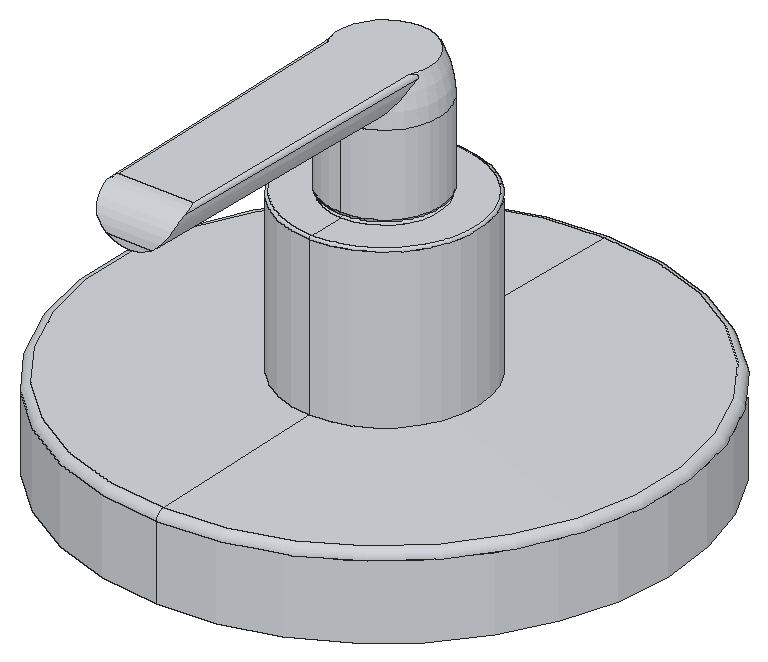
Revit family "Shower-Valve_Trim-KOHLER-Avid-K-TS97018_1", category Specialty Equipment, host Face, Revit 2017
Family settings
  Host = Face
  Round Connector Dimension = Use Diameter
  Part Type = Normal
  OmniClass Number = 23.31.25.00
  OmniClass Title = Toilet and Bath Specialties
  Cut with Voids When Loaded = No
  Shared = No
  Room Calculation Point = No
Parameters (values of type "CP-Polished Chrome")
  Width = 6 3/8"  # constant formula
  WaterSense Certified = 1 = 0  # no
  URL = "https://www.us.kohler.com/us/"
  Type = 1
  Product Page URL = "https://www.us.kohler.com/us/catalog/productDetails.jsp?productId=TS97018-4"
  Product Name = "Avid"  # constant formula
  Product Documentation Link = "https://www.us.kohler.com/webassets/kpna/catalog/pdf/en/K-TS97018-4_spec_US-CA_Kohler_en.pdf"
  Model = if(Type = 1, "K-TS97018-4-CP", if(Type = 2, "K-TS97018-4-BN", if(Type = 3, "K-TS97018-4-BL", "NA")))  # "K-TS97018-4-CP"
  Material = "Pemium Metal Construction"  # constant formula
  Master Format 2014 Name = "Toilet, Bath, and Laundry Accessories"  # constant formula
  Master Format 2014 = "10 28 00"  # constant formula
  Manufacturer Address = "444 Highland Dr, Kohler, WI 53044"  # constant formula
  Manufacturer = "KOHLER Co."  # constant formula
  Length = 4 3/16"  # constant formula
  Height = 6 3/8"  # constant formula
  Handle Clearance = 3 9/16"  # constant formula
  Finish = Kohler-Metal-CP-Polished_Chrome
  Environmental Product Declaration = ""
  Description = "Rite-Temp® valve trim with lever handle"  # constant formula
  Default Elevation = 42"
  Declare Label = ""
  Date Modified = "08/16/2021"  # constant formula
  Date Created = "08/16/2021"  # constant formula
  Copyright = "Copyright KOHLER Co."  # constant formula
  Contact Us = "https://www.us.kohler.com/us/static/contact.jsp"
  Assembly Code = "C1030200"
  ADA Compliant = 1 = 1  # yes
Types (4): name | Type | Model | Finish
  (no name) | 1 | "K-TS97018-4-CP" | Kohler-Metal-CP-Polished_Chrome
  CP-Polished Chrome | 1 | "K-TS97018-4-CP" | Kohler-Metal-CP-Polished_Chrome
  BN-Vibrant Brushed Nickel | 2 | "K-TS97018-4-BN" | Kohler-Metal-BN-Vibrant_Brushed_Nickel
  BL- Matte Black | 3 | "K-TS97018-4-BL" | Kohler-Metal-BL-Matte_Black
Reference planes (in)
  plane 1 "Center (Front/Back)": y = 0
  plane 2: z = 0
  plane 3 "Center (Left/Right)": x = 0
  plane 4: x = -3.1875
  plane 5: x = 3.1875
  plane 6: y = 3.1875
  plane 7: y = -3.1875
  plane 8: y = -3.5625
  plane 9: z = 4.1875
  plane 10: z = 0.9556
  plane 11: z = 2.75114
Dimensions and locks (in)
  "Height": plane 6 to plane 7
  "Width": plane 4 to plane 5
  "Handle Clearance": plane 1 "Center (Front/Back)" to plane 8
  "Length": plane 9 to level
  aligned and locked: plane 2 to host face
  aligned and locked: level to host face
  aligned and locked: plane 3 "Center (Left/Right)" to nested 1
  aligned and locked: plane 1 "Center (Front/Back)" to nested 1
Automatic sketch dimensions
  host sketch curve to host sketch curve = 96"  (x2)
Nested families (in)
  nested 1: "K-TS97018" at (0, 0, 0), type "K-TS97018"
Definition of nested family "K-TS97018"
  Parameters (values of type "K-TS97018")
    Material = none
  Reference planes (in)
    plane 1 "Center (Front/Back)": y = 0
    plane 2: z = 0
    plane 3 "Center (Left/Right)": x = 0
    plane 4: x = -3.1875
    plane 5: x = 3.1875
    plane 6: y = 3.1875
    plane 7: y = -3.1875
    plane 8: y = -3.5625
    plane 9: z = 4.17323
    plane 10: z = 0.9556
    plane 11: z = 2.75114
  Forms (in)
    Revolve 1, solid, material <- "Material", detail levels medium+fine
      sketch origin (0, 0, 0) x (0, 1, 0) y (0, 0, 1)
        loop
          line (3.1875, 0) -> (3.1875, 0.82413)
          arc (3.1875, 0.82413) -> (3.15954, 0.89251) -> (3.09169, 0.92171) r 0.0976
          line (3.09169, 0.92171) -> (1.04785, 0.95918) -> (1.04785, 2.72055)
          arc (1.04785, 2.72055) -> (1.03987, 2.73982) -> (1.02059, 2.74781) r 0.02726
          line (1.02059, 2.74781) -> (0.60996, 2.74781)
          arc (0.60996, 2.74781) -> (0.57601, 2.75834) -> (0.55397, 2.78623) r 0.06002
          line (0.55397, 2.78623) -> (0.60552, 2.78623)
          arc (0.60552, 2.78623) -> (0.62, 2.79223) -> (0.626, 2.80671) r 0.02048
          line (0.626, 2.80671) -> (0.626, 3.70922)
          arc (0.626, 3.70922) -> (0.59745, 3.94796) -> (0.51341, 4.17323) r 1.01241
          line (0.51341, 4.17323) -> (0, 4.17323) -> (0, 0) -> (3.1875, 0)
        axis (0, 4.17323) -> (0, 0)
      angle from 0 to 360
    Blend 2, solid, material <- "Material", detail levels medium+fine
      base sketch origin (0, 0, -0.02146) x (1, 0, 0) y (0, 0, 1)
        loop
          line (0.41472, 4.19468) -> (-0.41472, 4.19468)
          arc (-0.41472, 4.19468) -> (-0.43687, 4.18503) -> (-0.44488, 4.16224) r 0.03024
          arc (-0.44488, 4.16224) -> (-0.30352, 3.8678) -> (0.00058, 3.74862) r 0.44606
          arc (0.00058, 3.74862) -> (0.30394, 3.8682) -> (0.44488, 4.16224) r 0.44606
          arc (0.44488, 4.16224) -> (0.43687, 4.18503) -> (0.41472, 4.19468) r 0.03024
      top sketch origin (0, 0, -0.02146) x (1, 0, 0) y (0, 0, 1)
        loop
          arc (0, 3.71935) -> (0.33957, 3.82587) -> (0.51082, 4.13784) r 0.47686
          arc (0.51082, 4.13784) -> (0.49839, 4.1776) -> (0.4604, 4.19468) r 0.05078
          line (0.4604, 4.19468) -> (-0.4611, 4.19468)
          arc (-0.4611, 4.19468) -> (-0.4986, 4.17784) -> (-0.51091, 4.13862) r 0.05016
          arc (-0.51091, 4.13862) -> (-0.33987, 3.82612) -> (0, 3.71935) r 0.47686
      from 3.90183 to -0.02594
    Extrusion 3, void
      sketch origin (0, 0, 0.79104) x (0, 1, 0) y (0, 0, 1)
        loop
          line (-3.5625, 2.74653) -> (-3.5625, 3.00893)
          arc (-3.5625, 3.00893) -> (-3.45318, 3.27286) -> (-3.18925, 3.38218) r 0.37325
          line (-3.18925, 3.38218) -> (-2.92681, 3.38218) -> (-2.92681, 3.74653) -> (-4.0625, 3.74653) -> (-4.0625, 2.74653) -> (-3.5625, 2.74653)
      from -0.98314 to 1.04635
    Revolve 4, solid, material <- "Material", detail levels coarse
      sketch origin (0, 0, 0) x (0, 1, 0) y (0, 0, 1)
        loop
          line (3.1875, 0.95049) -> (1.04785, 0.95049) -> (1.04785, 2.73553) -> (0.62605, 2.73553) -> (0.62605, 4.17323) -> (0, 4.17323) -> (0, 0) -> (3.1875, 0) -> (3.1875, 0.95049)
        axis (0, 0) -> (0, 4.17323)
      angle from 0 to 360
    Extrusion 5, solid, material <- "Material", detail levels coarse
      sketch origin (0, 0, 0) x (1, 0, 0) y (0, 0, 1)
        loop
          line (-0.61288, 4.17323) -> (-0.61288, 3.68594) -> (0.61288, 3.68594) -> (0.61288, 4.17323) -> (-0.61288, 4.17323)
      from 0 to 3.5625
  Cuts and joins
    Extrusion 3 cuts Blend 2
    joined: Revolve 1, Blend 2
    joined: Revolve 4, Extrusion 5
  Lines and regions (in)
    Masking region 1
      outline origin (0, 0, 0) x (0, 1, 0) y (0, 0, 1)
        loop
          line (3.1875, 0) -> (3.1875, 0.82004)
          arc (3.1875, 0.82004) -> (3.1593, 0.889) -> (3.09087, 0.91844) r 0.09842
          line (3.09087, 0.91844) -> (1.04785, 0.9556) -> (1.04785, 2.7204)
          arc (1.04785, 2.7204) -> (1.03485, 2.74371) -> (1.00819, 2.74492) r 0.02741
          line (1.00819, 2.74492) -> (0.611, 2.75114)
          arc (0.611, 2.75114) -> (0.57594, 2.76079) -> (0.54995, 2.78623) r 0.07265
          line (0.54995, 2.78623) -> (0.60331, 2.78623)
          arc (0.60331, 2.78623) -> (0.61939, 2.79289) -> (0.62605, 2.80897) r 0.02274
          line (0.62605, 2.80897) -> (0.62605, 3.71745)
          arc (0.62605, 3.71745) -> (0.59969, 3.94303) -> (0.52203, 4.15645) r 0.97837
          arc (0.52203, 4.15645) -> (0.51081, 4.1687) -> (0.49484, 4.17323) r 0.03043
          line (0.49484, 4.17323) -> (-3.19564, 4.17323)
          arc (-3.19564, 4.17323) -> (-3.45505, 4.06578) -> (-3.5625, 3.80637) r 0.36686
          line (-3.5625, 3.80637) -> (-3.5625, 3.72462) -> (-0.89608, 3.70461)
          arc (-0.89608, 3.70461) -> (-0.70502, 3.62421) -> (-0.62605, 3.43256) r 0.27207
          line (-0.62605, 3.43256) -> (-0.62605, 2.80897)
          arc (-0.62605, 2.80897) -> (-0.61939, 2.79289) -> (-0.60331, 2.78623) r 0.02274
          line (-0.60331, 2.78623) -> (-0.54995, 2.78623)
          arc (-0.54995, 2.78623) -> (-0.57594, 2.76079) -> (-0.611, 2.75114) r 0.07265
          line (-0.611, 2.75114) -> (-1.00819, 2.74492)
          arc (-1.00819, 2.74492) -> (-1.03485, 2.74371) -> (-1.04785, 2.7204) r 0.02741
          line (-1.04785, 2.7204) -> (-1.04785, 0.9556) -> (-3.09087, 0.91844)
          arc (-3.09087, 0.91844) -> (-3.1593, 0.889) -> (-3.1875, 0.82004) r 0.09842
          line (-3.1875, 0.82004) -> (-3.1875, 0) -> (3.1875, 0)
    Masking region 2
      outline origin (0, 0, 0) x (1, 0, 0) y (0, 0, 1)
        loop
          line (3.1875, 0) -> (3.1875, 0.82593)
          arc (3.1875, 0.82593) -> (3.16055, 0.8918) -> (3.09517, 0.91989) r 0.09397
          line (3.09517, 0.91989) -> (1.04939, 0.9556) -> (1.04939, 2.71815)
          arc (1.04939, 2.71815) -> (1.04182, 2.73662) -> (1.02348, 2.74448) r 0.02634
          line (1.02348, 2.74448) -> (0.611, 2.75114)
          arc (0.611, 2.75114) -> (0.57684, 2.76083) -> (0.55203, 2.78623) r 0.06897
          line (0.55203, 2.78623) -> (0.60339, 2.78623)
          arc (0.60339, 2.78623) -> (0.61939, 2.79286) -> (0.62602, 2.80886) r 0.02263
          line (0.62602, 2.80886) -> (0.62602, 3.72365)
          arc (0.62602, 3.72365) -> (0.59953, 3.94685) -> (0.52154, 4.15766) r 0.95371
          arc (0.52154, 4.15766) -> (0.51102, 4.16903) -> (0.4961, 4.17323) r 0.02857
          line (0.4961, 4.17323) -> (-0.4961, 4.17323)
          arc (-0.4961, 4.17323) -> (-0.51102, 4.16903) -> (-0.52154, 4.15766) r 0.02857
          arc (-0.52154, 4.15766) -> (-0.59953, 3.94685) -> (-0.62602, 3.72365) r 0.95371
          line (-0.62602, 3.72365) -> (-0.62602, 2.80886)
          arc (-0.62602, 2.80886) -> (-0.61939, 2.79286) -> (-0.60339, 2.78623) r 0.02263
          line (-0.60339, 2.78623) -> (-0.554, 2.78623)
          arc (-0.554, 2.78623) -> (-0.57851, 2.7631) -> (-0.61105, 2.75434) r 0.06897
          line (-0.61105, 2.75434) -> (-1.02348, 2.74768)
          arc (-1.02348, 2.74768) -> (-1.04182, 2.73982) -> (-1.04939, 2.72135) r 0.02634
          line (-1.04939, 2.72135) -> (-1.04939, 0.9556) -> (-3.09517, 0.91989)
          arc (-3.09517, 0.91989) -> (-3.16055, 0.8918) -> (-3.1875, 0.82593) r 0.09397
          line (-3.1875, 0.82593) -> (-3.1875, 0) -> (3.1875, 0)
    Masking region 3
      outline origin (0, 0, 0) x (1, 0, 0) y (0, 1, 0)
        loop
          arc (0.45763, -3.15448) -> (0, 3.1875) -> (-0.45763, -3.15448) r 3.1875
          line (-0.45763, -3.15448) -> (-0.45316, -3.41081)
          arc (-0.45316, -3.41081) -> (-0.40701, -3.51823) -> (-0.29879, -3.5625) r 0.15439
          line (-0.29879, -3.5625) -> (0.29879, -3.5625)
          arc (0.29879, -3.5625) -> (0.40701, -3.51823) -> (0.45316, -3.41081) r 0.15439
          line (0.45316, -3.41081) -> (0.45763, -3.15448)
    symbolic lines, detail levels medium+fine
      curve 1: line (0, 1.04785, 0.9556) -> (0, -1.04785, 0.9556)
      curve 2: line (0, 0.54995, 2.78623) -> (0, -0.54995, 2.78623)
      curve 3: line (1.04939, 0, 0.9556) -> (-1.04939, 0, 0.9556)
      curve 4: line (0.611, 0, 2.75114) -> (-0.611, 0, 2.75114)
      curve 5: line (0.55203, 0, 2.78623) -> (-0.55203, 0, 2.78623)
      curve 6: line (0, 0.611, 2.75114) -> (0, -0.611, 2.75114)
      curve 7: arc (0, 0.851, 0) -> (-0.80915, 0.26359, 0) -> (-0.50125, -0.68772, 0) r 0.851
      curve 8: arc (0.50125, -0.68772, 0) -> (0.80915, 0.26359, 0) -> (0, 0.851, 0) r 0.851
      curve 9: arc (-0.51341, 0, 0) -> (-0.36303, 0.36303, 0) -> (0, 0.51341, 0) r 0.51341
      curve 10: arc (0, 0.51341, 0) -> (0.36303, 0.36303, 0) -> (0.51341, 0, 0) r 0.51341
      curve 11: arc (-0.50739, -0.34041, 0) -> (-0.53913, 0.28752, 0) -> (0, 0.611, 0) r 0.611
      curve 12: arc (0, 0.611, 0) -> (0.53913, 0.28752, 0) -> (0.50739, -0.34041, 0) r 0.611
      curve 13: line (-0.45763, -3.15448, 0) -> (-0.51341, 0, 0)
      curve 14: line (0.45763, -3.15448, 0) -> (0.51341, 0, 0)
      curve 15: arc (-1.43679, -1.51302, 0) -> (-1.79294, -1.61517, 0) -> (-1.43679, -1.71731, 0) r 0.19272
      curve 16: arc (-1.50166, -1.51302, 0) -> (-1.74216, -1.61517, 0) -> (-1.50166, -1.71731, 0) r 0.14194
      curve 17: line (-1.50166, -1.51302, 0) -> (-1.43679, -1.51302, 0)
      curve 18: line (-1.50166, -1.71731, 0) -> (-1.43679, -1.71731, 0)
      curve 19: line (-1.71607, 1.83972, 0) -> (-1.71607, 1.67809, 0)
      curve 20: line (-1.77825, 1.83972, 0) -> (-1.77825, 1.45427, 0)
      curve 21: line (-1.77825, 1.83972, 0) -> (-1.71607, 1.83972, 0)
      curve 22: line (-1.77825, 1.45427, 0) -> (-1.71607, 1.45427, 0)
      curve 23: line (-1.58235, 1.83972, 0) -> (-1.58235, 1.67809, 0)
      curve 24: line (-1.52017, 1.83972, 0) -> (-1.52017, 1.45427, 0)
      curve 25: line (-1.52017, 1.83972, 0) -> (-1.58235, 1.83972, 0)
      curve 26: line (-1.52017, 1.45427, 0) -> (-1.58235, 1.45427, 0)
      curve 27: line (-1.58235, 1.6159, 0) -> (-1.71607, 1.6159, 0)
      curve 28: line (-1.58235, 1.67809, 0) -> (-1.71607, 1.67809, 0)
      curve 29: line (-1.71607, 1.6159, 0) -> (-1.71607, 1.45427, 0)
      curve 30: line (-1.58235, 1.6159, 0) -> (-1.58235, 1.45427, 0)
      curve 31: arc (-2.22337, -1.01723, 0) -> (-2.22663, -1.07181, 0) -> (-2.17212, -1.07617, 0) r 0.03906
      curve 32: arc (-1.97917, -0.9105, 0) -> (-1.97566, -0.85323, 0) -> (-2.03293, -0.84962, 0) r 0.04061
      curve 33: line (-2.22337, -1.01723, 0) -> (-2.03293, -0.84962, 0)
      curve 34: line (-1.97917, -0.9105, 0) -> (-2.17212, -1.07617, 0)
      curve 35: arc (-1.06071, -2.18228, 0) -> (-1.04155, -2.23397, 0) -> (-0.98978, -2.21501, 0) r 0.03906
      curve 36: arc (-0.88265, -1.98527, 0) -> (-0.90185, -1.9336, 0) -> (-0.9536, -1.95257, 0) r 0.03906
      curve 37: line (-1.06071, -2.18228, 0) -> (-0.9536, -1.95257, 0)
      curve 38: line (-0.88265, -1.98527, 0) -> (-0.98978, -2.21501, 0)
      curve 39: arc (-2.33099, 0.03627, 0) -> (-2.29248, -0.00255, 0) -> (-2.33052, -0.04184, 0) r 0.03906
      curve 40: arc (-2.58481, -0.04494, 0) -> (-2.62529, -0.00427, 0) -> (-2.58468, 0.03627, 0) r 0.04061
      curve 41: line (-2.33099, 0.03627, 0) -> (-2.58468, 0.03627, 0)
      curve 42: line (-2.58481, -0.04494, 0) -> (-2.33052, -0.04184, 0)
      curve 43: arc (-2.22337, 1.01723, 0) -> (-2.22663, 1.07181, 0) -> (-2.17212, 1.07617, 0) r 0.03906
      curve 44: arc (-1.97917, 0.9105, 0) -> (-1.97566, 0.85323, 0) -> (-2.03293, 0.84962, 0) r 0.04061
      curve 45: line (-2.22337, 1.01723, 0) -> (-2.03293, 0.84962, 0)
      curve 46: line (-1.97917, 0.9105, 0) -> (-2.17212, 1.07617, 0)
      curve 47: arc (-1.06071, 2.18228, 0) -> (-1.04155, 2.23397, 0) -> (-0.98978, 2.21501, 0) r 0.03906
      curve 48: arc (-0.88265, 1.98527, 0) -> (-0.90185, 1.9336, 0) -> (-0.9536, 1.95257, 0) r 0.03906
      curve 49: line (-1.06071, 2.18228, 0) -> (-0.9536, 1.95257, 0)
      curve 50: line (-0.88265, 1.98527, 0) -> (-0.98978, 2.21501, 0)
  Dimensions and locks (in)
    plane 4 to plane 5 = 6 3/8"
    plane 8 to plane 1 "Center (Front/Back)" = 3 9/16"
    plane 9 to level = 4.17323"
    aligned and locked: plane 2 to level
